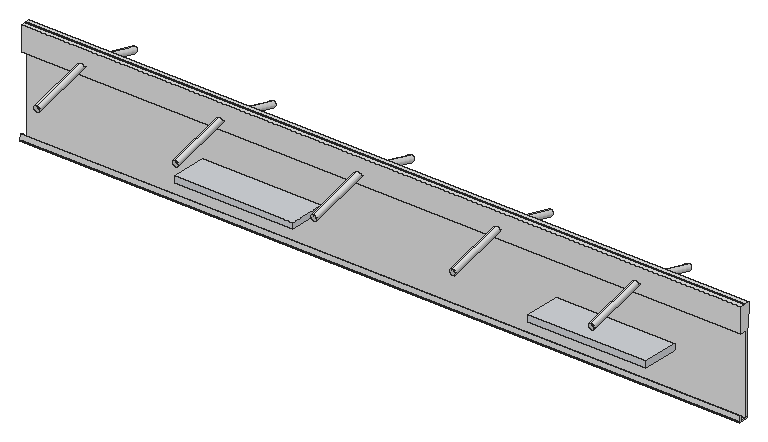
Revit family "Construction-Floors-Classic - Dowel 08NA40-5D", category Generic Models, Revit 2017
Family settings
  Can host rebar = No
  Round Connector Dimension = Use Diameter
  Part Type = Normal
  Cut with Voids When Loaded = Yes
  Shared = No
  Room Calculation Point = No
Parameters (values of type "Classic - Dowel 08NA40-5D H175")
  Youtube clip = ""
  Weight Net (Kg) = "0"
  Uniformat II Description = ""
  Uniformat II Code = ""
  Uniclass 2015 Name = "Roofs, floor and paving elements"
  Uniclass 2015 Code = "EF_30"
  Uniclass 2.0 Description = ""
  Uniclass 2.0 Code = ""
  Uniclass 1.4 Description = ""
  Uniclass 1.4 Code = ""
  UNSPSC Code = ""
  Technical description = "http://www.conecto-profiles.com/industrial-joints/classic/dowel-10na40-5d"
  Single Screw [instance] = and(([built-in parameter 1001306]) / 235.0 mm < 2, [built-in parameter 1001306] > 100.0 mm)  # no
  Screw number [instance] = if(([built-in parameter 1001306]) / 235.0 mm < 2, 2, ([built-in parameter 1001306]) / 235.0 mm)  # 5
  Screw Array [instance] = not(([built-in parameter 1001306]) / 235.0 mm < 2)  # yes
  Region South America = "None"
  Region Oceania = "None"
  Region North America = "None"
  Region Middle East = "None"
  Region Europe = "AD, AL, AT, AX, BA, BE, BG, BY, CH, CY, CZ, DE, DK, EE, ES, FI, FO, FR, GB, GG, GI, GR, HR, HU, IE, IM, IS, IT, JE, LI, LT, LU, LV, MC, MD, ME, MK, MT, NL, NO, PL, PT, RO, RS, RU, SE, SI, SJ, SK, SM, UA, VA"
  Region Asia = "None"
  Region Antarctica = "None"
  Region Africa = "None"
  QR code = "http://bimobject.com/conecto/product/08NA40"
  Profile = Aluminium - CONECTO - Grey
  Product url = "http://www.conecto-profiles.com/industrial-joints/classic/dowel-10na40-5d"
  Product group = "Aluminum profiles"
  Product family = "Expansion profiles"
  Product data url = "https://bimobject.com/conecto/product/08NA40"
  Product certification = ""
  Product SKU = "08NA40"
  Product Guid = "75d874ea-a463-44f7-a3ab-10876744490b"
  Plastic Elements Single [instance] = and([built-in parameter 1001306] > 435.0 mm, [built-in parameter 1001306] / 600.0 mm < 2)  # no
  Plastic Elements Number [instance] = rounddown(if([built-in parameter 1001306] / 600.0 mm < 2, 2, [built-in parameter 1001306] / 600.0 mm))  # 2
  Plastic Elements Array [instance] = not([built-in parameter 1001306] / 600.0 mm < 2)  # yes
  OmniClass Description = "Profiles"
  OmniClass Code = "23-13 17 00"
  Nominal width = 20.0 mm
  Nominal height = 0.0 mm
  NBS Reference Description = ""
  NBS Reference Code = ""
  Material secondary = "Stainless steel"
  Material main = "Steel"
  Material = Aluminium - CONECTO - Grey
  Masterformat 2014 Description = ""
  Masterformat 2014 Code = ""
  Manufacturer name = "Conecto"
  Manufacturer country = "Poland"
  Length2 = 1188.483 mm
  built-in parameter 1001306 [instance] = 1219.2 mm
  Installation instructions = ""
  IFC Classification = "Building Element"
  GTIN code = ""
  Extrusion offset = 131.1 mm
  Edition number = 1
  Design country = "Poland"
  Date of publishing = ""
  COBIe Type Category = ""
  Brand url = "http://www.profiledylatacyjne.com.pl/"
  BIMobject main category code = "construction"
  BIMobject main category = "Construction"
  BIMobject category code = "construction-floors"
  BIMobject category = "Decks, Slabs & Floors"
Types (4, lengths in mm): name | Screw number | Length2 | built-in parameter 1001306 | Extrusion offset
  Classic - Dowel 08NA40-5D H125 | 7 | 1000.0 | 1580.0 | 81.1
  Classic - Dowel 08NA40-5D H155 | 5 | 1188.483 | 1219.2 | 111.3
  Classic - Dowel 08NA40-5D H175 | 5 | 1188.483 | 1219.2 | 131.1
  Classic - Dowel 08NA40-5D H200 | 5 | 1188.483 | 1219.2 | 156.1
Reference planes
  plane 1 "Center (Front/Back)": y = 0
  plane 2: z = 0
  plane 3 "Left": x = 0
  plane 4 "Right": x = 1219.2
  plane 5: x = 1219.2
  plane 6: z = -172.292
  plane 7: z = -209.748
  plane 8: z = -41.192
  plane 9: z = -106.742
  plane 10: z = -31.021
Forms (mm)
  Extrusion 1, solid, material "Aluminium - CONECTO - Grey" <- "Profile", not visible
    sketch origin (197.832, 266.916, -52.36) x (0, 1, 0) y (0, 0, 1)
      loop
        line (-262.941, -103.74) -> (-275.859, -103.74) -> (-275.859, -95.791) -> (-277.846, -95.791) -> (-277.846, -103.74) -> (-277.846, -105.727) -> (-264.929, -105.727) -> (-263.935, -105.528) -> (-263.14, -104.734) -> (-262.941, -103.74)
    from 0 to 1021.368
  Extrusion 2, solid, material "Aluminium - CONECTO - Grey" <- "Profile", not visible
    sketch origin (197.832, 266.916, -52.36) x (0, 1, 0) y (0, 0, 1)
      loop
        line (-262.941, -103.74) -> (-275.859, -103.74) -> (-275.859, -95.791) -> (-277.846, -95.791) -> (-277.846, -103.74) -> (-277.846, -105.727) -> (-264.929, -105.727) -> (-263.935, -105.528) -> (-263.14, -104.734) -> (-262.941, -103.74)
    from 0 to 1021.368
  Extrusion 3, solid, material "Aluminium - CONECTO - Grey" <- "Profile", not visible
    sketch origin (0, 264.929, -62.015) x (0, 1, 0) y (0, 0, 1)
      loop
        line (-262.941, -103.74) -> (-275.859, -103.74) -> (-275.859, -95.791) -> (-277.846, -95.791) -> (-277.846, -103.74) -> (-277.846, -105.727) -> (-264.929, -105.727) -> (-263.935, -105.528) -> (-263.14, -104.734) -> (-262.941, -103.74)
    from 0 to 1000
  Extrusion 4, solid, material "Aluminium - CONECTO - Grey" <- "Profile", not visible
    sketch origin (0, 264.929, -62.015) x (0, 1, 0) y (0, 0, 1)
      loop
        line (-262.941, -103.74) -> (-275.859, -103.74) -> (-275.859, -95.791) -> (-277.846, -95.791) -> (-277.846, -103.74) -> (-277.846, -105.727) -> (-264.929, -105.727) -> (-263.935, -105.528) -> (-263.14, -104.734) -> (-262.941, -103.74)
    from 0 to 1000
  Extrusion 5, solid, material "Aluminium - CONECTO - Grey" <- "Profile"
    sketch origin (188.483, 265.922, -62.526) x (0, 1, 0) y (0, 0, 1)
      loop
        line (-262.941, -109.766) -> (-275.859, -109.766) -> (-275.859, -101.817) -> (-277.846, -101.817) -> (-277.846, -109.766) -> (-277.846, -111.753) -> (-264.929, -111.753) -> (-263.935, -111.554) -> (-263.14, -110.76) -> (-262.941, -109.766)
    from -188.483 to 1030.717
  Extrusion 6, solid, material "Aluminium - CONECTO - Grey" <- "Profile"
    sketch origin (0, 265.922, -18.533) x (0, 1, 0) y (0, 0, 1)
      loop
        line (-258.967, -20.672) -> (-258.967, 19.273) -> (-266.516, 19.273) -> (-266.516, -19.859) -> (-267.316, -19.859) -> (-267.316, 19.273) -> (-274.865, 19.273) -> (-274.865, -22.659) -> (-264.929, -22.659) -> (-264.929, -153.759) -> (-262.941, -153.759) -> (-262.941, -22.659) -> (-263.14, -21.665) -> (-263.935, -20.87) -> (-264.929, -20.672) -> (-258.967, -20.672)
    from 0 to 1219.2
  Extrusion 7, void
    sketch origin (0, 0.994, 40.684) x (0, 1, 0) y (0, 0, 1)
      loop
        line (5.962, -41.932) -> (-5.962, -41.932) -> (-5.962, -212.976) -> (5.962, -212.976) -> (5.962, -41.932)
    from 0 to 1219.2
Lines and regions (mm)
  reference lines
    curve 1: line (0, 0, 0) -> (1219.2, 0, 0)
  model lines
    curve 2: line (0, 6.955, 0.74) -> (0, -9.045, 0.74)
Dimensions and locks
  "built-in parameter 1001306": plane 3 "Left" to plane 4 "Right"
  equal spacing: group 8, group 9, group 14, group 15, group 16  (x3)
  nested 6 to nested 6 = 121.315 mm
  group 10 to group 11 = 600.0 mm
  group 10 to group 11 = 0.0 mm  (x2)
  Extrusion 7 to plane 1 "Center (Front/Back)" = 4.968 mm
  locked: plane 2 to plane 10 at 31.021
  locked: plane 2 to plane 8 at 41.192
  "Extrusion offset": plane 8 to plane 6
  equal spacing: plane 8, plane 9, plane 6
  aligned and locked: plane 4 "Right" to curve 1
  aligned and locked: plane 1 "Center (Front/Back)" to curve 1
  aligned and locked: plane 3 "Left" to curve 1
  aligned and locked: level to plane 2
  aligned and locked: plane 5 to plane 4 "Right"
  aligned and locked: Extrusion 5 to plane 3 "Left"
  aligned and locked: Extrusion 6 to plane 3 "Left"
  aligned and locked: plane 4 "Right" to Extrusion 7
  aligned and locked: plane 4 "Right" to Extrusion 6
  aligned and locked: plane 4 "Right" to Extrusion 5
  aligned and locked: plane 6 to Extrusion 7  (x2)
  aligned and locked: plane 6 to Extrusion 6
  aligned and locked: nested 10 to plane 10
  aligned and locked: nested 4 to plane 10
  aligned and locked: nested 5 to plane 10
  aligned and locked: plane 9 to nested 6
  aligned and locked: plane 9 to nested 7
Automatic sketch dimensions
  Extrusion 1 sketch curve to Extrusion 1 sketch curve = 1.987 mm  (x2)
  Extrusion 1 sketch curve to Extrusion 1 sketch curve = 0.994 mm
  Extrusion 1 sketch curve to Extrusion 1 sketch curve = 0.795 mm  (x2)
  Extrusion 1 sketch curve to Extrusion 1 sketch curve = 0.199 mm  (x2)
  Extrusion 1 sketch curve to Extrusion 1 sketch curve = 0.0 mm
  Extrusion 1 sketch curve to Extrusion 1 sketch curve = 7.949 mm
  Extrusion 1 sketch curve to Extrusion 1 sketch curve = 10.93 mm
  Extrusion 2 sketch curve to Extrusion 2 sketch curve = 1.987 mm  (x2)
  Extrusion 2 sketch curve to Extrusion 2 sketch curve = 0.994 mm
  Extrusion 2 sketch curve to Extrusion 2 sketch curve = 0.795 mm  (x2)
  Extrusion 2 sketch curve to Extrusion 2 sketch curve = 0.199 mm  (x2)
  Extrusion 2 sketch curve to Extrusion 2 sketch curve = 0.0 mm
  Extrusion 2 sketch curve to Extrusion 2 sketch curve = 7.949 mm
  Extrusion 2 sketch curve to Extrusion 2 sketch curve = 10.93 mm
  Extrusion 3 sketch curve to Extrusion 3 sketch curve = 1.987 mm  (x2)
  Extrusion 3 sketch curve to Extrusion 3 sketch curve = 0.795 mm  (x2)
  Extrusion 3 sketch curve to Extrusion 3 sketch curve = 7.949 mm
  Extrusion 3 sketch curve to Extrusion 3 sketch curve = 0.0 mm
  Extrusion 3 sketch curve to Extrusion 3 sketch curve = 0.994 mm  (x2)
  Extrusion 3 sketch curve to Extrusion 3 sketch curve = 0.199 mm
  Extrusion 3 sketch curve to Extrusion 3 sketch curve = 10.93 mm
  Extrusion 4 sketch curve to Extrusion 4 sketch curve = 1.987 mm  (x2)
  Extrusion 4 sketch curve to Extrusion 4 sketch curve = 0.795 mm  (x2)
  Extrusion 4 sketch curve to Extrusion 4 sketch curve = 7.949 mm
  Extrusion 4 sketch curve to Extrusion 4 sketch curve = 0.0 mm
  Extrusion 4 sketch curve to Extrusion 4 sketch curve = 0.994 mm  (x2)
  Extrusion 4 sketch curve to Extrusion 4 sketch curve = 0.199 mm
  Extrusion 4 sketch curve to Extrusion 4 sketch curve = 10.93 mm
  Extrusion 5 sketch curve to plane 6 = 0.0 mm  (x2)
  plane 1 "Center (Front/Back)" to Extrusion 5 sketch curve = 11.924 mm
  Extrusion 5 sketch curve to Extrusion 5 sketch curve = 1.987 mm
  Extrusion 5 sketch curve to plane 1 "Center (Front/Back)" = 0.994 mm
  Extrusion 5 sketch curve to Extrusion 5 sketch curve = 0.994 mm
  plane 6 to Extrusion 5 sketch curve = 0.994 mm
  Extrusion 5 sketch curve to Extrusion 5 sketch curve = 0.795 mm  (x2)
  Extrusion 5 sketch curve to Extrusion 5 sketch curve = 0.199 mm  (x2)
  Extrusion 5 sketch curve to plane 6 = 7.949 mm
  plane 1 "Center (Front/Back)" to Extrusion 7 sketch curve = 4.968 mm
  Extrusion 7 sketch curve to plane 1 "Center (Front/Back)" = 6.955 mm
  plane 6 to Extrusion 7 sketch curve = 0.0 mm
  Extrusion 7 sketch curve to level = 1.248 mm
  plane 1 "Center (Front/Back)" to curve 2 = 9.045 mm
  level to curve 2 = 0.74 mm
  curve 2 to plane 1 "Center (Front/Back)" = 6.955 mm
  Extrusion 6 sketch curve to level = 41.192 mm  (x2)
  plane 6 to Extrusion 6 sketch curve = 0.0 mm
  plane 1 "Center (Front/Back)" to Extrusion 6 sketch curve = 8.943 mm
  plane 1 "Center (Front/Back)" to Extrusion 6 sketch curve = 1.394 mm
  plane 1 "Center (Front/Back)" to Extrusion 6 sketch curve = 0.594 mm
  Extrusion 6 sketch curve to plane 1 "Center (Front/Back)" = 0.994 mm  (x2)
  Extrusion 6 sketch curve to Extrusion 6 sketch curve = 0.994 mm
  Extrusion 6 sketch curve to level = 40.198 mm
  Extrusion 6 sketch curve to Extrusion 6 sketch curve = 0.795 mm  (x2)
  Extrusion 6 sketch curve to Extrusion 6 sketch curve = 0.199 mm  (x2)
  Extrusion 6 sketch curve to plane 1 "Center (Front/Back)" = 6.955 mm
  Extrusion 6 sketch curve to Extrusion 6 sketch curve = 0.813 mm
  Extrusion 6 sketch curve to Extrusion 6 sketch curve = 39.131 mm
  Extrusion 6 sketch curve to Extrusion 6 sketch curve = 0.0 mm
Nested families
  nested 1: "Scraw" at (1195.317, 1087.956, 51), visible <- "Screw Array", type "Family3", not visible
    with Screw 2
  nested 2: "Plastic" at (300, 435.185, 382.057), visible <- "Plastic Elements Array", type "Family5", not visible
  nested 3: "Scraw" at (100, 435.185, 433.057), visible <- "Screw Array", type "Family3", not visible
    with Screw 2
  nested 4: "Scraw" at (100, 0.994, 9.808), visible <- "Screw Array", type "Family3"
    with Screw 2
  nested 5: "Scraw" at (335, 0.994, 9.808), visible <- "Screw Array", type "Family3"
    with Screw 2
  nested 6: "Plastic" at (300, 0.994, -75.236), visible <- "Plastic Elements Array", type "Family5"
  nested 7: "Plastic" at (900, 0.994, -75.236), visible <- "Plastic Elements Array", type "Family5"
  nested 8: "Plastic" at (1623.485, 982.73, 0), visible <- "Plastic Elements Array", type "Family5", not visible
  nested 9: "Scraw" at (1423.485, 982.73, 51), visible <- "Screw Array", type "Family3", not visible
    with Screw 2
  nested 10: "Scraw" at (100.234, 0.994, 9.808), visible <- "Single Screw", type "Family3"
    with Screw 2
  nested 11: "Scraw" at (570, 0.994, 9.808), visible <- "Screw Array", type "Family3"
    with Screw 2
  nested 12: "Scraw" at (805, 0.994, 9.808), visible <- "Screw Array", type "Family3"
    with Screw 2
  nested 13: "Scraw" at (1040, 0.994, 9.808), visible <- "Screw Array", type "Family3"
    with Screw 2
Definition of nested family "Scraw"
  Parameters (values of type "Family3")
    Screw [instance] = 2
    Profile = none
    Plastic = none
  Reference planes
    plane 1 "Center (Front/Back)": y = 0
    plane 2: z = 0
    plane 3 "Center (Left/Right)": x = 0
  Forms (mm)
    Sweep 1, solid, material <- "Profile"
      path origin (0, 0, 0) x (0, 1, 0) y (0, 0, 1)
        loop
          line (-6, -36) -> (-102.593, -61.882)
      profile "Profile : Family3" origin (0, -54.296, -48.941) x (0, 0.258819, -0.965926) y (1, 0, 0)
        loop
          circle (0, 0) r 5
    Sweep 2, solid, material <- "Profile"
      path origin (0, 0, 0) x (0, -1, 0) y (0, 0, 1)
        loop
          line (-6, -36) -> (-102.593, -61.882)
      profile "Profile : Family3" origin (0, 54.296, -48.941) x (0, 0.258819, 0.965926) y (1, 0, 0)
        loop
          circle (0, 0) r 5
  Lines and regions (mm)
    reference lines
      curve 1: line (0, 4.706, -40.83) -> (0, -4.706, -40.83)
  Dimensions and locks
    aligned and locked: level to plane 2
Definition of nested family "Plastic"
  Parameters (values of type "Family5")
    Plastic Parts = none
  Reference planes
    plane 1 "Center (Front/Back)": y = 0
    plane 2: z = 0
    plane 3 "Center (Left/Right)": x = 0
    plane 4: x = 200
    plane 5: z = -31.506
  Forms (mm)
    Extrusion 1, solid, material <- "Plastic Parts"
      sketch origin (0, 0, 0) x (0, 1, 0) y (0, 0, 1)
        loop
          line (60, -26.387) -> (-61.315, -26.387) -> (-61.315, -36.624) -> (60, -36.624) -> (60, -26.387)
      from 0 to 200
  Dimensions and locks
    plane 3 "Center (Left/Right)" to plane 4 = 200.0 mm
    aligned and locked: level to plane 2
